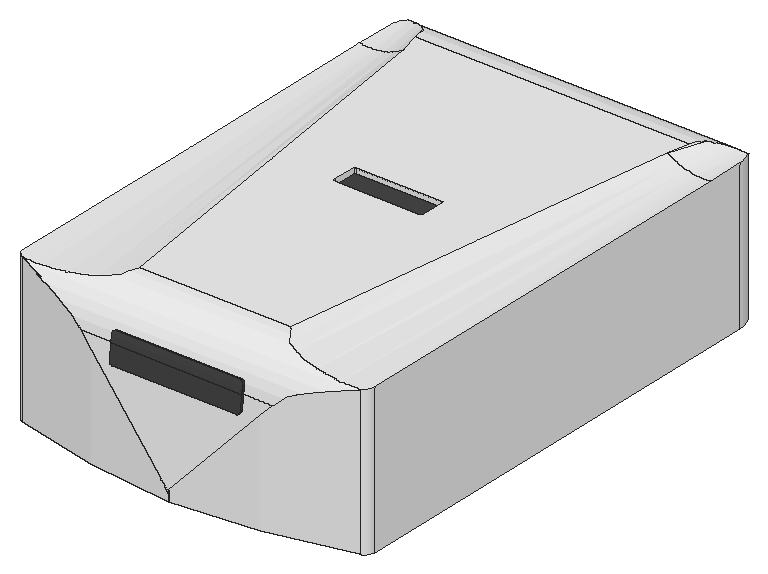
Revit family "379988", category Specialty Equipment, host Face, Revit 2018
Family settings
  Host = Face
  Round Connector Dimension = Use Diameter
  Part Type = Normal
  OmniClass Number = 23.40.20.21.14
  OmniClass Title = Hand and Hair Dryers
  Cut with Voids When Loaded = No
  Shared = No
  Room Calculation Point = No
Parameters (values of type "TA-ABS-110-120V 7-7.7A - 770-915W")
  Width = 0' - 8 29/32"  # constant formula
  Warranty URL = "https://www.exceldryer.com/wp-content/uploads/2019/05/Excel_2019LimitedWarranty_ThinAir.pdf"
  Version = "2017 - v1.0b"  # constant formula
  Product Documentation Link = "https://www.exceldryer.com/wp-content/uploads/2019/07/Excel_ThinAirProduct.pdf"
  Mounting Note [instance] = "For correct placement, match Elevation to Mounting Height."  # constant formula
  Watts = 915 W
  Warranty Duration = "5 Years"  # constant formula
  Voltage = 120 V
  URL = "http://www.exceldryer.com/index.php"
  Teenagers Washroom Mounting Height [instance] = yes
  Product Weight = "8 lbs"  # constant formula
  Product Page URL = "http://www.exceldryer.com/products_thinair.php"
  Product Name = "ThinAir Excel Dryer®"  # constant formula
  Power Factor = 1
  Phase = 1
  Output at Outlet (LFM) = "16000 LFM"  # constant formula
  Number of Poles = 1
  Mounting Height [instance] = if(Teenagers Washroom Mounting Height, 3' 5", if(Men's Washroom Mounting Height, 3' 9", if(Ladies Washroom Mounting Height, 3' 7", if(Handicapped Washroom Mounting Height, 3' 1", if(Children's Washroom Mounting Height, 2' 11", 3' 3")))))  # 3' - 5"
  Model = "TA-ABS-110-120V 7-7.7A - 770-915W"
  Men's Washroom Mounting Height [instance] = no
  Material = ""
  Manufacturer Phone Number = "800-255-9235"  # constant formula
  Manufacturer Fax Number = "1-413-525-2853"  # constant formula
  Manufacturer Email = "mailto:sales@exceldryer.com"
  Manufacturer Address = "357 Chestnut St. P. O. Box 365, East Longmeadow, MA 01028"  # constant formula
  Manufacturer = "Excel Dryer"  # constant formula
  Ladies Washroom Mounting Height [instance] = no
  Keynote = "10 28 13"
  Impact Resistant Note = "UL 499"  # constant formula
  Height = 1' - 1 15/16"  # constant formula
  Heating Element = "500 W"
  Handicapped Washroom Mounting Height [instance] = no
  Frequency = 60 Hz
  Description = "ThinAir Series"  # constant formula
  Depth = 0' - 4"  # constant formula
  Default Elevation = 3' - 3"
  Cover Finish = Polymer - Excel Dryer  - ABS - White
  Copyright = "© 2019 Excel Dryer. All Rights Reserved."  # constant formula
  Children's Washroom Mounting Height [instance] = no
  Assembly Code = "C1090.4040"
  Apparent Load = 960 VA
  Amperage = 7.7 A
  Air Temperature (Farenheit) = 141 °F  # constant formula
Types (4): name | Watts | Voltage | Model | Frequency | Assembly Code | Apparent Load | Amperage
  (no name) | 915 W | 120 V | "TA-ABS-110-120V 7-7.7A - 770-915W" | 60 Hz | "C1030200" | 960 VA | 7.7 A
  TA-ABS-110-120V 7-7.7A - 770-915W | 915 W | 120 V | "TA-ABS-110-120V 7-7.7A - 770-915W" | 60 Hz | "C1090.4040" | 960 VA | 7.7 A
  TA-ABS-208-277V 3.6-4A - 735-950W | 950 W | 277 V | "TA-ABS-208-277V 3.6-4A - 735-950W" | 60 Hz | "C1030200" | 984 VA | 4 A
  TA-ABS-230V 3.9A 890W | 890 W | 230 V | "TA-ABS-230V 3.9A 890W" | 50 Hz | "C1030200" | 920 VA | 3.9 A
Reference planes (in)
  plane 1 "Center (Front/Back)": y = 0
  plane 2: z = 0
  plane 3 "Center (Left/Right)": x = 0
  plane 4 "Front": z = 4
  plane 5 "Back": z = 0
  plane 6: x = 4.45313
  plane 7: x = -4.45312
  plane 8: z = 3
  plane 9: z = 1
  plane 10: y = 6.96875
  plane 11: y = -6.96875
  plane 12: x = -1.66391
  plane 13: x = 1.66391
  plane 14: x = -3.34033
  plane 15: x = 3.34033
  plane 16: z = 3.875
  plane 17: z = 3.75
  plane 18: y = -6.19694
  plane 19: y = -5.5295
  plane 20: z = 2.8375
  plane 21: y = -1.99454
  plane 22: y = 7.38467
  plane 23: x = -5.45312
  plane 24: x = 5.45313
  plane 25: y = -7.33069
  plane 26: y = 4.67812
  plane 27: z = 3.2125
  plane 28: z = 2.4625
  plane 29: y = -6.84927
  plane 30: y = -5.48236
  plane 31: y = 0.34713
  plane 32: y = -0.34713
  plane 33: x = 1.1375
  plane 34: x = -1.1375
  plane 35: y = -6.77243
Forms (in)
  Extrusion 1, solid, material "Polymer - Excel Dryer  - ABS - White"
    sketch origin (0, -0.9653, 0) x (0, 1, 0) y (0, 0, 1)
      loop
        line (7.91234, 0) -> (7.51218, 2.84729)
        arc (7.51218, 2.84729) -> (7.06465, 3.67154) -> (6.18614, 4) r 1.33907
        line (6.18614, 4) -> (-4.51707, 4)
        arc (-4.51707, 4) -> (-5.3249, 3.6899) -> (-5.71774, 2.91891) r 1.20728
        line (-5.71774, 2.91891) -> (-6.02453, 0) -> (7.91234, 0)
    from -4.45313 to 4.45313
  Blend 2, void
    base sketch origin (0, 0, 0) x (-1, 0, 0) y (0, 0, -1)
      loop
        line (-4.45312, -3.75) -> (-4.45312, -4) -> (-1.66391, -4)
        arc (-1.66391, -4) -> (-3.05026, -3.78289) -> (-4.45312, -3.75) r 10.64644
    top sketch origin (0, 0, 0) x (-1, 0, 0) y (0, 0, -1)
      loop
        arc (-3.34033, -4) -> (-3.87227, -3.76612) -> (-4.45313, -3.74965) r 1.51527
        line (-4.45313, -3.74965) -> (-4.45313, -4) -> (-3.34033, -4)
    from 7.33069 to -4.67812
  Extrusion 3, void
    sketch origin (0, 0, 0) x (1, 0, 0) y (0, 1, 0)
      loop
        arc (-4.45312, 5.58087) -> (-4.33027, 5.9922) -> (-4.00195, 6.26877) r 0.75
        arc (-4.00195, 6.26877) -> (-2.0431, 6.86592) -> (0, 7.00523) r 9.00826
        line (0, 7.00523) -> (0, 7.38467) -> (-5.45312, 7.38467) -> (-5.45312, -7.33069) -> (0, -7.33069) -> (0, -6.96875)
        arc (0, -6.96875) -> (-2.15761, -6.73485) -> (-4.2731, -6.25041) r 18.53957
        arc (-4.2731, -6.25041) -> (-4.40312, -6.16042) -> (-4.45312, -6.01041) r 0.25
        line (-4.45312, -6.01041) -> (-4.45312, 5.58087)
    from 0 to 4.47709
  Extrusion 4, void
    sketch origin (0, 0.00801, 0) x (-1, 0, 0) y (0, -1, 0)
      loop
        line (-4.45312, -5.58087) -> (-4.45312, 6.01041)
        arc (-4.45312, 6.01041) -> (-4.40312, 6.16042) -> (-4.2731, 6.25041) r 0.25
        arc (-4.2731, 6.25041) -> (-2.15761, 6.73485) -> (0, 6.96875) r 18.53957
        line (0, 6.96875) -> (0, 7.3387) -> (-5.45312, 7.3387) -> (-5.45312, -7.37665) -> (0, -7.37665) -> (0, -7.00523)
        arc (0, -7.00523) -> (-2.0431, -6.86592) -> (-4.00195, -6.26877) r 9.00826
        arc (-4.00195, -6.26877) -> (-4.33027, -5.9922) -> (-4.45312, -5.58087) r 0.75
    from 0 to 4.47709
  Blend 5, void
    base sketch origin (0, 0, 0) x (1, 0, 0) y (0, 0, 1)
      loop
        arc (-4.45312, 3.75) -> (-3.05026, 3.78289) -> (-1.66391, 4) r 10.64644
        line (-1.66391, 4) -> (-4.45312, 4) -> (-4.45312, 3.75)
    top sketch origin (0, 0, 0) x (1, 0, 0) y (0, 0, 1)
      loop
        line (-3.34033, 4) -> (-4.45313, 4) -> (-4.45313, 3.74965)
        arc (-4.45313, 3.74965) -> (-3.87227, 3.76612) -> (-3.34033, 4) r 1.51527
    from 7.33069 to -4.67812
  Blend 6, void
    base sketch origin (0, 0, 0) x (1, 0, 0) y (0, 0, 1)
      loop
        arc (-4.45313, 3.74965) -> (-3.87227, 3.76612) -> (-3.34033, 4) r 1.51527
        line (-3.34033, 4) -> (-4.45313, 4) -> (-4.45313, 3.74965)
    top sketch origin (0, 0, 0) x (1, 0, 0) y (0, 0, 1)
      loop
        arc (-4.45313, 3.75171) -> (-4.25764, 3.76745) -> (-4.07972, 3.84994) r 0.55721
        arc (-4.07972, 3.84994) -> (-4.01625, 3.9123) -> (-4.00126, 4) r 0.1447
        line (-4.00126, 4) -> (-4.45313, 4) -> (-4.45313, 3.75171)
    from -4.67812 to -7.38467
  Blend 7, void
    base sketch origin (0, 0, 0) x (-1, 0, 0) y (0, 0, -1)
      loop
        line (-4.45313, -3.74965) -> (-4.45313, -4) -> (-3.34033, -4)
        arc (-3.34033, -4) -> (-3.87227, -3.76612) -> (-4.45313, -3.74965) r 1.51527
    top sketch origin (0, 0, 0) x (-1, 0, 0) y (0, 0, -1)
      loop
        line (-4.45313, -3.75171) -> (-4.45313, -4) -> (-4.00126, -4)
        arc (-4.00126, -4) -> (-4.01625, -3.9123) -> (-4.07972, -3.84994) r 0.1447
        arc (-4.07972, -3.84994) -> (-4.25764, -3.76745) -> (-4.45313, -3.75171) r 0.55721
    from -4.67812 to -7.38467
  Extrusion 8, solid, material "Metallic - Paint - Excel Dryer - Flaked Satin - Black - Logo"
    sketch origin (0.00958, 0, -0.5375) x (1, 0, 0) y (0, 0, 1)
      loop
        arc (-1.57312, 3.75) -> (-1.6441, 3.7206) -> (-1.6735, 3.64963) r 0.10037
        line (-1.6735, 3.64963) -> (-1.6735, 3.10037)
        arc (-1.6735, 3.10037) -> (-1.6441, 3.0294) -> (-1.57312, 3) r 0.10037
        line (-1.57312, 3) -> (1.55396, 3)
        arc (1.55396, 3) -> (1.62493, 3.0294) -> (1.65433, 3.10037) r 0.10037
        line (1.65433, 3.10037) -> (1.65433, 3.64963)
        arc (1.65433, 3.64963) -> (1.62493, 3.7206) -> (1.55396, 3.75) r 0.10037
        line (1.55396, 3.75) -> (-1.57312, 3.75)
    from 6.19694 to 6.78628
  Extrusion 9, void
    sketch origin (0, -0.0625, 0) x (0, 1, 0) y (0, 0, 1)
      loop
        line (-6.78677, 3.2125) -> (-6.78677, 2.4625) -> (-6.70828, 2.4625) -> (-6.66027, 2.91932)
        arc (-6.66027, 2.91932) -> (-6.63516, 3.06806) -> (-6.5917, 3.2125) r 1.20728
        line (-6.5917, 3.2125) -> (-6.78677, 3.2125)
    from -1.66391 to 1.69137
  Extrusion 10, void
    sketch origin (0, 0, 0) x (1, 0, 0) y (0, 1, 0)
      loop
        arc (-1.11093, 0.34713) -> (-1.12972, 0.33935) -> (-1.1375, 0.32056) r 0.02657
        line (-1.1375, 0.32056) -> (-1.1375, -0.2736)
        arc (-1.1375, -0.2736) -> (-1.11596, -0.32559) -> (-1.06396, -0.34713) r 0.07354
        line (-1.06396, -0.34713) -> (1.06396, -0.34713)
        arc (1.06396, -0.34713) -> (1.11596, -0.32559) -> (1.1375, -0.2736) r 0.07354
        line (1.1375, -0.2736) -> (1.1375, 0.30402)
        arc (1.1375, 0.30402) -> (1.12487, 0.33451) -> (1.09439, 0.34713) r 0.04311
        line (1.09439, 0.34713) -> (-1.11093, 0.34713)
    from 3.75 to 4
  Extrusion 11, solid, material "Metallic - Paint - Excel Dryer - Flaked Satin - Black - Logo"
    sketch origin (0, 0, 0) x (1, 0, 0) y (0, 1, 0)
      loop
        line (-1.1375, 0.32056) -> (-1.1375, -0.2736)
        arc (-1.1375, -0.2736) -> (-1.11596, -0.32559) -> (-1.06396, -0.34713) r 0.07354
        line (-1.06396, -0.34713) -> (1.06396, -0.34713)
        arc (1.06396, -0.34713) -> (1.11596, -0.32559) -> (1.1375, -0.2736) r 0.07354
        line (1.1375, -0.2736) -> (1.1375, 0.30402)
        arc (1.1375, 0.30402) -> (1.12487, 0.33451) -> (1.09439, 0.34713) r 0.04311
        line (1.09439, 0.34713) -> (-1.11093, 0.34713)
        arc (-1.11093, 0.34713) -> (-1.12972, 0.33935) -> (-1.1375, 0.32056) r 0.02657
    from 3.75 to 3.875
Cuts and joins
  Blend 2, Extrusion 3, Extrusion 4, Blend 5, Blend 6, Blend 7, Extrusion 9, Extrusion 10 cuts Extrusion 1
  Extrusion 9 cuts Extrusion 8
Lines and regions (in)
  Masking region 1
    outline origin (0.5625, 0, -0.10753) x (1, 0, 0) y (0, 0, 1)
      loop
        line (3.89062, 0.10753) -> (3.89062, 3.85753)
        arc (3.89062, 3.85753) -> (3.8174, 4.03431) -> (3.64062, 4.10753) r 0.25
        line (3.64062, 4.10753) -> (-4.76563, 4.10753)
        arc (-4.76563, 4.10753) -> (-4.9424, 4.03431) -> (-5.01563, 3.85753) r 0.25
        line (-5.01563, 3.85753) -> (-5.01563, 0.10753) -> (3.89062, 0.10753)
Dimensions and locks (in)
  plane 2 to plane 5 "Back" = 0' - 0"
  "Depth": plane 4 "Front" to plane 5 "Back"
  equal spacing: plane 6, plane 3 "Center (Left/Right)", plane 7
  "Width": plane 6 to plane 7
  equal spacing: plane 10, plane 1 "Center (Front/Back)", plane 11, locked at 6.96875 each
  "Height": plane 10 to plane 11
  plane 7 to plane 6 = 0' - 8 29/32"
  plane 10 to plane 11 = 1' - 1 15/16"
  equal spacing: Extrusion 10 sketch curve, plane 3 "Center (Left/Right)", Extrusion 10 sketch curve
  cut or joined group of Extrusion 8, Extrusion 9 to Extrusion 10 sketch curve to Extrusion 10 sketch curve = 0' - 5.84981", 0' - 0.69427"
  equal spacing: plane 23, plane 3 "Center (Left/Right)", plane 24
  equal spacing: cut or joined group of Extrusion 1, Blend 2, Extrusion 3, Extrusion 4, Blend 5, Blend 6, Blend 7, Extrusion 9, Extrusion 10, plane 1 "Center (Front/Back)", cut or joined group of Extrusion 1, Blend 2, Extrusion 3, Extrusion 4, Blend 5, Blend 6, Blend 7, Extrusion 9, Extrusion 10
  locked: cut or joined group of Extrusion 1, Blend 2, Extrusion 3, Extrusion 4, Blend 5, Blend 6, Blend 7, Extrusion 9, Extrusion 10 to cut or joined group of Extrusion 1, Blend 2, Extrusion 3, Extrusion 4, Blend 5, Blend 6, Blend 7, Extrusion 9, Extrusion 10 at 0.69427
  equal spacing: cut or joined group of Extrusion 1, Blend 2, Extrusion 3, Extrusion 4, Blend 5, Blend 6, Blend 7, Extrusion 9, Extrusion 10, plane 3 "Center (Left/Right)", cut or joined group of Extrusion 1, Blend 2, Extrusion 3, Extrusion 4, Blend 5, Blend 6, Blend 7, Extrusion 9, Extrusion 10
  locked: cut or joined group of Extrusion 1, Blend 2, Extrusion 3, Extrusion 4, Blend 5, Blend 6, Blend 7, Extrusion 9, Extrusion 10 to cut or joined group of Extrusion 1, Blend 2, Extrusion 3, Extrusion 4, Blend 5, Blend 6, Blend 7, Extrusion 9, Extrusion 10 at 2.275
  locked: plane 4 "Front" to Blend 2 sketch curve at 0.27083
  locked: plane 6 to Blend 2 sketch curve at 1.11279
  locked: plane 4 "Front" to Blend 2 sketch curve at 0.25962
  locked: plane 6 to Blend 2 sketch curve at 2.78921
  plane 4 "Front" to Blend 7 sketch curve to Blend 7 sketch curve = 0' - 0.15006" locked, 0' - 0.10083" locked
  plane 6 to Blend 7 sketch curve to Blend 7 sketch curve = 0' - 0.3734" locked, 0' - 0.07994" locked
  locked: plane 4 "Front" to Blend 7 sketch curve at 0.27083
  locked: plane 6 to Blend 7 sketch curve at 1.11279
  aligned and locked: plane 2 to host face
  aligned and locked: level to host face
  aligned and locked: plane 7 to Extrusion 1
  aligned and locked: plane 6 to Extrusion 1
  aligned and locked: plane 7 to Masking region 1
  aligned and locked: plane 6 to Masking region 1
  aligned and locked: Extrusion 4 to Extrusion 3  (x2)
  aligned and locked: plane 13 to Extrusion 8
  aligned and locked: Extrusion 10 to plane 17
  aligned and locked: plane 16 to Extrusion 11
  aligned and locked: Masking region 1 to plane 4 "Front"
  aligned and locked: level to Masking region 1
  aligned and locked: plane 23 to Extrusion 3
  aligned and locked: Extrusion 4 to plane 24
  aligned and locked: Extrusion 4 to plane 25
  aligned and locked: Extrusion 3 to Extrusion 4
  aligned and locked: Blend 7 to Extrusion 3
  aligned and locked: Extrusion 3 to Blend 6
  aligned and locked: Blend 6 to Blend 2
  aligned and locked: Blend 7 to Blend 2
  aligned and locked: Blend 5 to Blend 2
  aligned and locked: plane 26 to cut or joined group of Extrusion 1, Blend 2, Extrusion 3, Extrusion 4, Blend 5, Blend 6, Blend 7, Extrusion 9, Extrusion 10
  aligned and locked: plane 18 to Extrusion 8
  aligned and locked: Extrusion 9 to Extrusion 8
  aligned and locked: Extrusion 9 to cut or joined group of Extrusion 8, Extrusion 9
  aligned and locked: plane 28 to cut or joined group of Extrusion 8, Extrusion 9
  aligned and locked: Extrusion 8 to Extrusion 9
  aligned and locked: cut or joined group of Extrusion 8, Extrusion 9 to Extrusion 9
  aligned and locked: plane 29 to Extrusion 9
  aligned and locked: plane 4 "Front" to Extrusion 10
  aligned and locked: cut or joined group of Extrusion 1, Blend 2, Extrusion 3, Extrusion 4, Blend 5, Blend 6, Blend 7, Extrusion 9, Extrusion 10 to plane 6
  aligned and locked: cut or joined group of Extrusion 1, Blend 2, Extrusion 3, Extrusion 4, Blend 5, Blend 6, Blend 7, Extrusion 9, Extrusion 10 to plane 7
  aligned and locked: plane 30 to cut or joined group of Extrusion 1, Blend 2, Extrusion 3, Extrusion 4, Blend 5, Blend 6, Blend 7, Extrusion 9, Extrusion 10
  aligned and locked: Extrusion 4 to plane 3 "Center (Left/Right)"  (x2)
  aligned and locked: plane 32 to cut or joined group of Extrusion 1, Blend 2, Extrusion 3, Extrusion 4, Blend 5, Blend 6, Blend 7, Extrusion 9, Extrusion 10
  aligned and locked: plane 31 to cut or joined group of Extrusion 1, Blend 2, Extrusion 3, Extrusion 4, Blend 5, Blend 6, Blend 7, Extrusion 9, Extrusion 10
  aligned and locked: plane 34 to cut or joined group of Extrusion 1, Blend 2, Extrusion 3, Extrusion 4, Blend 5, Blend 6, Blend 7, Extrusion 9, Extrusion 10
  aligned and locked: cut or joined group of Extrusion 1, Blend 2, Extrusion 3, Extrusion 4, Blend 5, Blend 6, Blend 7, Extrusion 9, Extrusion 10 to plane 33
  aligned and locked: plane 34 to Extrusion 11
  aligned and locked: Extrusion 3 to Blend 2
  aligned and locked: Extrusion 3 to Blend 5
  aligned and locked: plane 6 to Blend 2 sketch curve
  aligned and locked: plane 4 "Front" to Blend 2 sketch curve
  aligned and locked: Blend 2 sketch curve to plane 6
  aligned and locked: Blend 2 sketch curve to plane 4 "Front"
  aligned and locked: plane 4 "Front" to Blend 7 sketch curve  (x2)
  aligned and locked: plane 6 to Blend 7 sketch curve  (x2)
  aligned and locked: Extrusion 8 sketch curve to plane 12
  aligned and locked: Extrusion 8 sketch curve to plane 13
  aligned and locked: plane 31 to Extrusion 11 sketch curve
  aligned and locked: Extrusion 11 to plane 17
  aligned and locked: Extrusion 11 sketch curve to plane 32
  aligned and locked: plane 34 to Extrusion 11 sketch curve
  aligned and locked: Extrusion 11 sketch curve to plane 33
Automatic sketch dimensions
  host sketch curve to host sketch curve = 8' - 0"  (x2)
  plane 7 to Masking region 1 sketch curve = 0' - 0"
  plane 4 "Front" to Masking region 1 sketch curve = 0' - 0"
  plane 6 to Masking region 1 sketch curve = 0' - 0"
  plane 17 to Masking region 1 sketch curve = 0' - 0"  (x2)
  Masking region 1 sketch curve to level = 0' - 0"
  Extrusion 1 sketch curve to level = 0' - 0"
  Extrusion 1 sketch curve to plane 11 = 0' - 0.02107"
  Extrusion 1 sketch curve to plane 4 "Front" = 0' - 0"
  Extrusion 1 sketch curve to plane 8 = 0' - 0.15271"
  Extrusion 1 sketch curve to plane 8 = 0' - 0.08109"
  plane 11 to Extrusion 1 sketch curve = 0' - 0.28572"
  plane 19 to Extrusion 1 sketch curve = 0' - 0.04713"
  Extrusion 1 sketch curve to plane 10 = 0' - 1.7479"
  Extrusion 1 sketch curve to plane 10 = 0' - 0 27/64"
  Extrusion 1 sketch curve to plane 10 = 0' - 0.0217"
  Blend 2 sketch curve to plane 17 = 0' - 0"
  plane 17 to Blend 2 sketch curve = 0' - 0.00035"
  Extrusion 3 sketch curve to plane 7 = 0' - 0"
  Extrusion 3 sketch curve to plane 3 "Center (Left/Right)" = 0' - 0"  (x2)
  Extrusion 3 sketch curve to plane 11 = 0' - 0"
  plane 7 to Extrusion 3 sketch curve = 0' - 1"
  Extrusion 3 sketch curve to plane 18 = 0' - 0.05348"
  Extrusion 3 sketch curve to plane 7 = 0' - 0.18003"
  Extrusion 3 sketch curve to Extrusion 3 sketch curve = 0' - 0"  (x2)
  Extrusion 3 sketch curve to Extrusion 3 sketch curve = 0' - 0.06997"
  Extrusion 3 sketch curve to plane 7 = 0' - 0.45117"
  plane 14 to Extrusion 3 sketch curve = 0' - 0.36279"
  Extrusion 3 sketch curve to plane 3 "Center (Left/Right)" = 0' - 0.41274"
  Extrusion 3 sketch curve to plane 11 = 0' - 0.36194"
  Extrusion 3 sketch curve to plane 10 = 0' - 1.38788"
  plane 10 to Extrusion 3 sketch curve = 0' - 0.41592"
  Extrusion 4 sketch curve to plane 6 = 0' - 0"
  Extrusion 4 sketch curve to plane 3 "Center (Left/Right)" = 0' - 0"  (x2)
  Extrusion 4 sketch curve to plane 11 = 0' - 0.00801"
  Extrusion 4 sketch curve to plane 6 = 0' - 1"
  plane 18 to Extrusion 4 sketch curve = 0' - 0.04546"
  plane 6 to Extrusion 4 sketch curve = 0' - 0.18003"
  Extrusion 4 sketch curve to Extrusion 4 sketch curve = 0' - 0"  (x2)
  Extrusion 4 sketch curve to Extrusion 4 sketch curve = 0' - 0 1/4"
  plane 6 to Extrusion 4 sketch curve = 0' - 0.45117"
  Extrusion 4 sketch curve to plane 15 = 0' - 0.36279"
  Extrusion 4 sketch curve to plane 3 "Center (Left/Right)" = 0' - 0.41274"
  plane 11 to Extrusion 4 sketch curve = 0' - 0.36194"
  plane 10 to Extrusion 4 sketch curve = 0' - 1.37986"
  Extrusion 4 sketch curve to plane 10 = 0' - 0.41592"
  Blend 5 sketch curve to plane 4 "Front" = 0' - 0"  (x2)
  plane 7 to Blend 5 sketch curve = 0' - 0"  (x2)
  plane 12 to Blend 5 sketch curve = 0' - 0"
  Blend 5 sketch curve to plane 17 = 0' - 0"
  Blend 5 sketch curve to plane 7 = 0' - 0.45242"
  plane 14 to Blend 5 sketch curve = 0' - 0"
  Blend 5 sketch curve to plane 17 = 0' - 0.00035"
  Blend 5 sketch curve to plane 7 = 0' - 0.24826"
  Blend 6 sketch curve to plane 4 "Front" = 0' - 0"  (x2)
  plane 7 to Blend 6 sketch curve = 0' - 0"  (x2)
  plane 14 to Blend 6 sketch curve = 0' - 0"
  Blend 6 sketch curve to plane 17 = 0' - 0.00035"
  Blend 6 sketch curve to plane 7 = 0' - 0.24826"
  plane 17 to Blend 6 sketch curve = 0' - 0.00171"
  Blend 6 sketch curve to plane 7 = 0' - 0.45186"
  Blend 6 sketch curve to plane 7 = 0' - 0.05372"
  Blend 6 sketch curve to plane 4 "Front" = 0' - 0.02065"
  Blend 6 sketch curve to Blend 6 sketch curve = 0' - 0.14322"
  Blend 6 sketch curve to plane 16 = 0' - 0.02506"
  plane 17 to Blend 7 sketch curve = 0' - 0.00035"
  Blend 7 sketch curve to plane 17 = 0' - 0.00171"
  plane 4 "Front" to Blend 7 sketch curve = 0' - 0.02065"
  Extrusion 8 sketch curve to plane 17 = 0' - 0.5375"
  Extrusion 8 sketch curve to plane 13 = 0' - 0.10037"  (x2)
  Extrusion 8 sketch curve to plane 20 = 0' - 0 3/8"
  Extrusion 8 sketch curve to plane 12 = 0' - 0.10037"  (x2)
  plane 11 to Extrusion 9 sketch curve = 0' - 0.11948"
  Extrusion 9 sketch curve to plane 17 = 0' - 1.2875"
  Extrusion 9 sketch curve to Extrusion 9 sketch curve = 0' - 0.07848"
  Extrusion 9 sketch curve to Extrusion 9 sketch curve = 0' - 0.19507"
  Extrusion 9 sketch curve to plane 17 = 0' - 0.5375"
  Extrusion 9 sketch curve to Extrusion 9 sketch curve = 0' - 0.06857"
  plane 19 to Extrusion 9 sketch curve = 0' - 0.0074"
  Extrusion 9 sketch curve to Extrusion 9 sketch curve = 0' - 0.41938"
  Extrusion 10 sketch curve to plane 1 "Center (Front/Back)" = 0' - 0.32056"
  Extrusion 10 sketch curve to Extrusion 10 sketch curve = 0' - 0.04311"
  Extrusion 10 sketch curve to Extrusion 10 sketch curve = 0' - 0.07354"  (x2)
  Extrusion 10 sketch curve to plane 13 = 0' - 0.56953"
  Extrusion 11 sketch curve to plane 34 = 0' - 0.02657"
  Extrusion 11 sketch curve to Extrusion 11 sketch curve = 0' - 0.07354"
  plane 33 to Extrusion 11 sketch curve = 0' - 0.07354"
  Extrusion 11 sketch curve to Extrusion 11 sketch curve = 0' - 0.04311"
Connectors (in)
  electrical at (0.00526, -0.06881, 0), driven by "Number of Poles", driven by "Voltage", driven by "Apparent Load", driven by "Power Factor"
    settings: on cut or joined group of Extrusion 1, Blend 2, Extrusion 3, Extrusion 4, Blend 5, Blend 6, Blend 7, Extrusion 9, Extrusion 10, index 1, voltage 120 V, apparent load 0 VA, apparent load phase1 960 VA, apparent load phase2 0 VA, apparent load phase3 0 VA, power factor 1, load classification "Other", number of poles 1, system type 31, power factor state 1, is connector primary yes, connector utility no, sub classification motor no, connector description "Power Connector"
